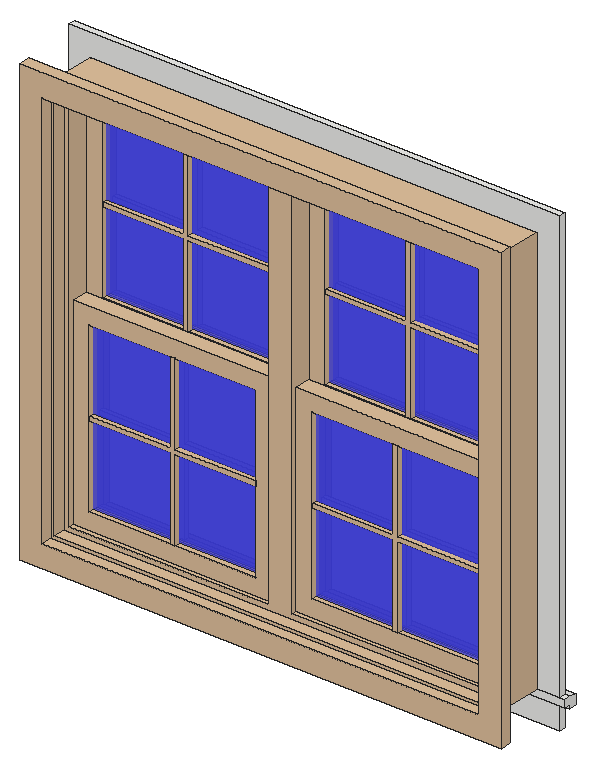
Revit family "M_Janela-dupla-suspensa-dupla", category Janelas, Revit 2019 (continued)
Types in the file's own list only (55): name | Transmissão de luz visual | Visibilidade do montante superior | Resistência térmica (R) | Coeficiente de ganho de calor solar | Largura do montante | Padrão do montante | Altura do montante | Largura bruta | Altura bruta | Coeficiente de transferência de calor (U) | Visibilidade do montante inferior | Altura | Largura
  1300 x 1300mm | 0.81 | Sim | 0.3196 (m²·K)/W | 0.76 | 499 mm | M_Padrão do montante_2x2 | 552 mm | 1315 mm | 1315 mm | 3.1293 W/(m²·K) | Sim | 1300 mm | 1300 mm
  1300 x 1400mm | 0.81 | Sim | 0.3196 (m²·K)/W | 0.76 | 499 mm | M_Padrão do montante_2x2 | 602 mm | 1315 mm | 1415 mm | 3.1293 W/(m²·K) | Sim | 1400 mm | 1300 mm
  1300 x 1550mm | 0.81 | Sim | 0.3196 (m²·K)/W | 0.76 | 499 mm | M_Padrão do montante_2x2 | 677 mm | 1315 mm | 1565 mm | 3.1293 W/(m²·K) | Sim | 1550 mm | 1300 mm
  1400 x 800mm | 0.81 | Sim | 0.3196 (m²·K)/W | 0.76 | 549 mm | M_Padrão do montante_2x2 | 302 mm | 1415 mm | 815 mm | 3.1293 W/(m²·K) | Sim | 800 mm | 1400 mm
  1400 x 900mm | 0.81 | Sim | 0.3196 (m²·K)/W | 0.76 | 549 mm | M_Padrão do montante_2x2 | 352 mm | 1415 mm | 915 mm | 3.1293 W/(m²·K) | Sim | 900 mm | 1400 mm
  1400 x 1100mm | 0.81 | Sim | 0.3196 (m²·K)/W | 0.76 | 549 mm | M_Padrão do montante_2x2 | 452 mm | 1415 mm | 1115 mm | 3.1293 W/(m²·K) | Sim | 1100 mm | 1400 mm
  1400 x 1150mm | 0.81 | Sim | 0.3196 (m²·K)/W | 0.76 | 549 mm | M_Padrão do montante_2x2 | 477 mm | 1415 mm | 1165 mm | 3.1293 W/(m²·K) | Sim | 1150 mm | 1400 mm
  1400 x 1300mm | 0.81 | Sim | 0.3196 (m²·K)/W | 0.76 | 549 mm | M_Padrão do montante_2x2 | 552 mm | 1415 mm | 1315 mm | 3.1293 W/(m²·K) | Sim | 1300 mm | 1400 mm
  1400 x 1400mm | 0.81 | Sim | 0.3196 (m²·K)/W | 0.76 | 549 mm | M_Padrão do montante_2x2 | 602 mm | 1415 mm | 1415 mm | 3.1293 W/(m²·K) | Sim | 1400 mm | 1400 mm
  1400 x 1550mm | 0.81 | Sim | 0.3196 (m²·K)/W | 0.76 | 549 mm | M_Padrão do montante_2x2 | 677 mm | 1415 mm | 1565 mm | 3.1293 W/(m²·K) | Sim | 1550 mm | 1400 mm
  1500 x 800mm | 0.81 | Sim | 0.3196 (m²·K)/W | 0.76 | 599 mm | M_Padrão do montante_2x2 | 302 mm | 1515 mm | 815 mm | 3.1293 W/(m²·K) | Sim | 800 mm | 1500 mm
  1500 x 900mm | 0.81 | Sim | 0.3196 (m²·K)/W | 0.76 | 599 mm | M_Padrão do montante_2x2 | 352 mm | 1515 mm | 915 mm | 3.1293 W/(m²·K) | Sim | 900 mm | 1500 mm
  1500 x 1100mm | 0.81 | Sim | 0.3196 (m²·K)/W | 0.76 | 599 mm | M_Padrão do montante_2x2 | 452 mm | 1515 mm | 1115 mm | 3.1293 W/(m²·K) | Sim | 1100 mm | 1500 mm
  1500 x 1150mm | 0.81 | Sim | 0.3196 (m²·K)/W | 0.76 | 599 mm | M_Padrão do montante_2x2 | 477 mm | 1515 mm | 1165 mm | 3.1293 W/(m²·K) | Sim | 1150 mm | 1500 mm
  1500 x 1300mm | 0.81 | Sim | 0.3196 (m²·K)/W | 0.76 | 599 mm | M_Padrão do montante_2x2 | 552 mm | 1515 mm | 1315 mm | 3.1293 W/(m²·K) | Sim | 1300 mm | 1500 mm
  1500 x 1400mm | 0.81 | Sim | 0.3196 (m²·K)/W | 0.76 | 599 mm | M_Padrão do montante_2x2 | 602 mm | 1515 mm | 1415 mm | 3.1293 W/(m²·K) | Sim | 1400 mm | 1500 mm
  1500 x 1550mm | 0.81 | Sim | 0.3196 (m²·K)/W | 0.76 | 599 mm | M_Padrão do montante_2x2 | 677 mm | 1515 mm | 1565 mm | 3.1293 W/(m²·K) | Sim | 1550 mm | 1500 mm
  1700 x 800mm | 0.81 | Sim | 0.3196 (m²·K)/W | 0.76 | 699 mm | M_Padrão do montante_2x2 | 302 mm | 1715 mm | 815 mm | 3.1293 W/(m²·K) | Sim | 800 mm | 1700 mm
  1700 x 900mm | 0.81 | Sim | 0.3196 (m²·K)/W | 0.76 | 699 mm | M_Padrão do montante_2x2 | 352 mm | 1715 mm | 915 mm | 3.1293 W/(m²·K) | Sim | 900 mm | 1700 mm
  1700 x 1100mm | 0.81 | Sim | 0.3196 (m²·K)/W | 0.76 | 699 mm | M_Padrão do montante_2x2 | 452 mm | 1715 mm | 1115 mm | 3.1293 W/(m²·K) | Sim | 1100 mm | 1700 mm
  1700 x 1150mm | 0.81 | Sim | 0.3196 (m²·K)/W | 0.76 | 699 mm | M_Padrão do montante_2x2 | 477 mm | 1715 mm | 1165 mm | 3.1293 W/(m²·K) | Sim | 1150 mm | 1700 mm
  1700 x 1300mm | 0.81 | Sim | 0.3196 (m²·K)/W | 0.76 | 699 mm | M_Padrão do montante_2x2 | 552 mm | 1715 mm | 1315 mm | 3.1293 W/(m²·K) | Sim | 1300 mm | 1700 mm
  1700 x 1400mm | 0.81 | Sim | 0.3196 (m²·K)/W | 0.76 | 699 mm | M_Padrão do montante_2x2 | 602 mm | 1715 mm | 1415 mm | 3.1293 W/(m²·K) | Sim | 1400 mm | 1700 mm
  1700 x 1550mm | 0.81 | Sim | 0.3196 (m²·K)/W | 0.76 | 699 mm | M_Padrão do montante_2x2 | 677 mm | 1715 mm | 1565 mm | 3.1293 W/(m²·K) | Sim | 1550 mm | 1700 mm
  1900 x 800mm | 0.81 | Sim | 0.3196 (m²·K)/W | 0.76 | 799 mm | M_Padrão do montante_2x2 | 302 mm | 1915 mm | 815 mm | 3.1293 W/(m²·K) | Sim | 800 mm | 1900 mm
  1900 x 900mm | 0.81 | Sim | 0.3196 (m²·K)/W | 0.76 | 799 mm | M_Padrão do montante_2x2 | 352 mm | 1915 mm | 915 mm | 3.1293 W/(m²·K) | Sim | 900 mm | 1900 mm
  1900 x 1100mm | 0.81 | Sim | 0.3196 (m²·K)/W | 0.76 | 799 mm | M_Padrão do montante_2x2 | 452 mm | 1915 mm | 1115 mm | 3.1293 W/(m²·K) | Sim | 1100 mm | 1900 mm
  1900 x 1150mm | 0.81 | Sim | 0.3196 (m²·K)/W | 0.76 | 799 mm | M_Padrão do montante_2x2 | 477 mm | 1915 mm | 1165 mm | 3.1293 W/(m²·K) | Sim | 1150 mm | 1900 mm
  1900 x 1300mm | 0.81 | Sim | 0.3196 (m²·K)/W | 0.76 | 799 mm | M_Padrão do montante_2x2 | 552 mm | 1915 mm | 1315 mm | 3.1293 W/(m²·K) | Sim | 1300 mm | 1900 mm
  1900 x 1400mm | 0.81 | Sim | 0.3196 (m²·K)/W | 0.76 | 799 mm | M_Padrão do montante_2x2 | 602 mm | 1915 mm | 1415 mm | 3.1293 W/(m²·K) | Sim | 1400 mm | 1900 mm
  1900 x 1550mm | 0.81 | Sim | 0.3196 (m²·K)/W | 0.76 | 799 mm | M_Padrão do montante_2x2 | 677 mm | 1915 mm | 1565 mm | 3.1293 W/(m²·K) | Sim | 1550 mm | 1900 mm
